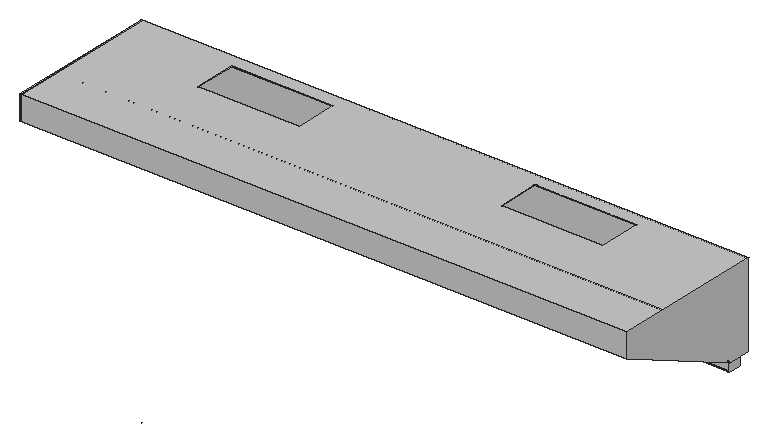
Revit family "QF_ELECTROLUXPROFESSIONAL_642291_MP936BT", category Specialty Equipment, Revit 2014
Reference planes
  plane 1: z = 0
  plane 2 "Center (Left/Right)": x = 150
  plane 3 "LEFT": x = -1650
  plane 4 "RIGHT": x = 1950
  plane 5 "BACK": y = 550
  plane 6 "Plane": z = 2000
  plane 7 "TOP": z = 2140
  plane 8 "Base": z = 1640
  plane 9: z = 1566
  plane 10 "DrainY": y = 485
  plane 11: x = -1647
  plane 12: through (0, 414.509, 1640.8) normal (0, 0.7314, 0.682)
  plane 13: y = 470
  plane 14: y = 220
  plane 15 "DrainX": x = 1830
  plane 16: x = -450
  plane 17: x = 750
  plane 18: x = -1050
  plane 19: x = 1350
  plane 20: x = 1947
  plane 21: x = 1740
  plane 22: x = 1920
  plane 23: x = -1610
  plane 24: x = -1245
  plane 25: x = -850
  plane 26: x = 1910
  plane 27: x = 1545
  plane 28: x = 1150
  plane 29: x = -47.5
  plane 30: x = 347.5
  plane 31: y = 100
  plane 32: y = -350
Forms (mm)
  Extrusion 1, solid, material "QF_Finishes_Stainless Steel"
    sketch origin (-1650, 0, 0) x (0, 1, 0) y (0, 0, 1)
      loop
        line (550, 1640) -> (550, 2140) -> (-350, 2140) -> (-350, 1999.112) -> (413.973, 1640) -> (550, 1640)
    from 0 to 3
  Extrusion 2, solid, material "QF_Finishes_Stainless Steel"
    sketch origin (150, 0, 0) x (0, 1, 0) y (0, 0, 1)
      loop
        line (415.255, 1640) -> (550, 1640) -> (550, 2139.19) -> (549.2, 2139.19) -> (549.2, 1640.8) -> (415.876, 1640.8) -> (339.347, 1722.867) -> (349.609, 1732.436) -> (348.927, 1733.167) -> (337.934, 1722.917) -> (415.255, 1640)
      loop
        line (-82.203, 2139.19) -> (-82.203, 2118.6) -> (-31.047, 2118.6) -> (34.354, 2048.466) -> (46.028, 2059.352) -> (45.346, 2060.083) -> (34.403, 2049.879) -> (-30.612, 2119.6) -> (-81.203, 2119.6) -> (-81.203, 2139.19) -> (-82.203, 2139.19)
    from -1797 to 1797
  Extrusion 3, solid, material "QF_Finishes_Stainless Steel"
    sketch origin (1950, 0, 0) x (0, 1, 0) y (0, 0, 1)
      loop
        line (550, 1640) -> (550, 2140) -> (-350, 2140) -> (-350, 1999.112) -> (413.973, 1640) -> (550, 1640)
    from 0 to -3
  Extrusion 4, solid, material "QF_Finishes_Stainless Steel"
    sketch origin (150, 0, 0) x (0, 1, 0) y (0, 0, 1)
      loop
        line (-350, 2140) -> (-350, 2000) -> (-349.2, 2000) -> (-349.2, 2139.19) -> (550, 2139.19) -> (550, 2140) -> (-350, 2140)
    from -1800 to 1800
  Extrusion 5, solid, material "QF_Finishes_Stainless Steel"
    sketch origin (150, 0, 0) x (0, 1, 0) y (0, 0, 1)
      loop
        line (534, 1640) -> (436, 1640) -> (436, 1627) -> (443.5, 1627) -> (443.5, 1576)
        arc (443.5, 1576) -> (446.429, 1568.929) -> (453.5, 1566) r 10
        line (453.5, 1566) -> (516.5, 1566)
        arc (516.5, 1566) -> (523.571, 1568.929) -> (526.5, 1576) r 10
        line (526.5, 1576) -> (526.5, 1627) -> (534, 1627) -> (534, 1640)
    from 1590 to 1770
  Extrusion 6, solid, material "QF_Finishes_Stainless Steel"
    sketch origin (0, 0, 1640) x (0, 1, 0) y (-1, 0, 0)
      loop
        circle (485, -1830) r 20
    from -76 to -74
  Extrusion 7, solid, material "QF_Finished_Chrome"
    sketch origin (150, 0, 0) x (0, 1, 0) y (0, 0, 1)
      loop
        line (337.934, 1722.917) -> (341.591, 1726.327) -> (38.011, 2051.876) -> (34.354, 2048.466) -> (337.934, 1722.917)
    from -1395 to -1760
  Extrusion 8, solid, material "QF_Finished_Chrome"
    sketch origin (150, 0, 0) x (0, 1, 0) y (0, 0, 1)
      loop
        line (337.934, 1722.917) -> (341.591, 1726.327) -> (38.011, 2051.876) -> (34.354, 2048.466) -> (337.934, 1722.917)
    from -197.5 to -1000
  Extrusion 9, solid, material "QF_Finishes_Stainless Steel"
    sketch origin (150, 0, 0) x (0, 1, 0) y (0, 0, 1)
      loop
        line (337.934, 1722.917) -> (341.591, 1726.327) -> (38.011, 2051.876) -> (34.354, 2048.466) -> (337.934, 1722.917)
    from 1797 to 1760
  Extrusion 10, solid, material "QF_Finishes_Stainless Steel"
    sketch origin (150, 0, 0) x (0, 1, 0) y (0, 0, 1)
      loop
        line (341.588, 1726.324) -> (38.009, 2051.874) -> (34.354, 2048.466) -> (337.934, 1722.917) -> (341.588, 1726.324)
    from -1395 to -1000
  Extrusion 11, solid, material "QF_Finished_Chrome"
    sketch origin (150, 0, 0) x (0, 1, 0) y (0, 0, 1)
      loop
        line (341.588, 1726.324) -> (38.009, 2051.874) -> (34.354, 2048.466) -> (337.934, 1722.917) -> (341.588, 1726.324)
    from 1395 to 1760
  Extrusion 12, void
    sketch origin (0, 0, 2140) x (0, 1, 0) y (-1, 0, 0)
      loop
        line (470, 1050) -> (220, 1050) -> (220, 450) -> (470, 450) -> (470, 1050)
    from 0 to -10
  Extrusion 13, void
    sketch origin (940, 0, 2140) x (0, 1, 0) y (-1, 0, 0)
      loop
        line (470, 190) -> (220, 190) -> (220, -410) -> (470, -410) -> (470, 190)
    from 0 to -10
  Extrusion 14, solid, material "QF_Finishes_Stainless Steel"
    sketch origin (0, 0, 0) x (1, 0, 0) y (0, 1, 0)
      loop
        line (-1650, 550) -> (-1650, 549) -> (-1649, 549) -> (-1649, 550) -> (-1650, 550)
    from 0 to 1
  Extrusion 15, solid, material "QF_Finishes_Stainless Steel"
    sketch origin (150, 0, 0) x (0, 1, 0) y (0, 0, 1)
      loop
        line (337.934, 1722.917) -> (341.591, 1726.327) -> (38.011, 2051.876) -> (34.354, 2048.466) -> (337.934, 1722.917)
    from -1760 to -1797
  Extrusion 16, solid, material "QF_Finishes_Stainless Steel"
    sketch origin (150, 0, 0) x (0, 1, 0) y (0, 0, -1)
      loop
        line (341.588, -1726.324) -> (337.934, -1722.917) -> (34.354, -2048.466) -> (38.009, -2051.874) -> (341.588, -1726.324)
    from -1395 to -1000
  Extrusion 17, solid, material "QF_Finished_Chrome"
    sketch origin (150, 0, 0) x (0, 1, 0) y (0, 0, 1)
      loop
        line (337.934, 1722.917) -> (341.591, 1726.327) -> (38.011, 2051.876) -> (34.354, 2048.466) -> (337.934, 1722.917)
    from 1000 to 197.5
  Extrusion 18, solid, material "QF_Finishes_Stainless Steel"
    sketch origin (150, 0, 0) x (0, 1, 0) y (0, 0, -1)
      loop
        line (341.588, -1726.324) -> (337.934, -1722.917) -> (34.354, -2048.466) -> (38.009, -2051.874) -> (341.588, -1726.324)
    from -197.5 to 197.5
Cuts and joins
  Extrusion 12, Extrusion 13 cuts Extrusion 4
  joined: Extrusion 2, Extrusion 4
Lines and regions (mm)
  reference lines
    curve 1: line (150, 34.354, 2048.466) -> (150, 34.354, 1888.466)
  symbolic lines, style "SpecialityEquipment", detail levels coarse
    curve 2: line (1950, 550, 2140) -> (-1650, 550, 2140)
    curve 3: line (-1650, 550, 2140) -> (-1650, -350, 2140)
    curve 4: line (1950, -350, 2140) -> (1950, 550, 2140)
    curve 5: line (-1650, -350, 2140) -> (1950, -350, 2140)
    curve 6: line (-1050, 220, 2140) -> (-450, 220, 2140)
    curve 7: line (-1050, 470, 2140) -> (-1050, 220, 2140)
    curve 8: line (-450, 470, 2140) -> (-1050, 470, 2140)
    curve 9: line (-450, 220, 2140) -> (-450, 470, 2140)
    curve 10: line (750, 470, 2140) -> (750, 220, 2140)
    curve 11: line (750, 220, 2140) -> (1350, 220, 2140)
    curve 12: line (1350, 470, 2140) -> (750, 470, 2140)
    curve 13: line (1350, 220, 2140) -> (1350, 470, 2140)
  symbolic lines, detail levels coarse
    curve 14: line (-1650, -350, 0) -> (1950, 550, 0)
    curve 15: line (-1650, 550, 0) -> (1950, -350, 0)
Dimensions and locks
  plane 3 "LEFT" to plane 4 "RIGHT" = 3600 mm
  equal spacing: plane 3 "LEFT", plane 2 "Center (Left/Right)", plane 4 "RIGHT"
  locked: plane 6 "Plane" to level at 2000
  plane 7 "TOP" to plane 6 "Plane" = 140 mm
  locked: plane 7 "TOP" to plane 8 "Base" at 500
  plane 8 "Base" to plane 9 = 74 mm
  plane 5 "BACK" to plane 10 "DrainY" = 65 mm  (x2)
  plane 3 "LEFT" to plane 11 = 3 mm
  plane 5 "BACK" to plane 13 = 80 mm
  plane 13 to plane 14 = 250 mm  (x2)
  plane 15 "DrainX" to plane 4 "RIGHT" = 120 mm
  locked: plane 16 to plane 17 at 1200
  equal spacing: plane 16, plane 2 "Center (Left/Right)", plane 17
  plane 18 to plane 16 = 600 mm
  plane 17 to plane 19 = 600 mm
  plane 20 to plane 4 "RIGHT" = 3 mm
  locked: plane 21 to plane 15 "DrainX" at 90
  locked: plane 15 "DrainX" to plane 22 at 90
  plane 13 to plane 5 "BACK" = 80 mm
  locked: plane 3 "LEFT" to plane 23 at 40
  locked: plane 23 to plane 24 at 365
  locked: plane 24 to plane 25 at 395
  locked: plane 26 to plane 27 at 365
  locked: plane 27 to plane 28 at 395
  locked: plane 26 to plane 4 "RIGHT" at 40
  locked: plane 29 to plane 30 at 395
  equal spacing: plane 29, plane 2 "Center (Left/Right)", plane 30
  plane 25 to plane 29 = 802.5 mm
  plane 30 to plane 28 = 802.5 mm
  plane 5 "BACK" to plane 32 = 900 mm  (x2)
  equal spacing: plane 5 "BACK", plane 31, plane 32
  aligned and locked: level to plane 1
  aligned and locked: Extrusion 2 to Extrusion 1
  aligned and locked: Extrusion 2 to Extrusion 3
  aligned and locked: plane 4 "RIGHT" to Extrusion 4
  aligned and locked: Extrusion 4 to plane 3 "LEFT"
  aligned and locked: plane 20 to Extrusion 9
  aligned and locked: plane 18 to Extrusion 12
  aligned and locked: Extrusion 12 to plane 16
  aligned and locked: Extrusion 12 to plane 14
  aligned and locked: Extrusion 12 to plane 13
  aligned and locked: Extrusion 13 to plane 19
  aligned and locked: plane 17 to Extrusion 13
  aligned and locked: Extrusion 2 to Extrusion 4
  aligned and locked: plane 22 to Extrusion 5
  aligned and locked: Extrusion 5 to plane 21
  aligned and locked: Extrusion 9 to plane 26
  aligned and locked: Extrusion 11 to plane 26
  aligned and locked: Extrusion 11 to plane 27
  aligned and locked: Extrusion 8 to plane 25
  aligned and locked: plane 25 to Extrusion 10
  aligned and locked: Extrusion 10 to plane 24
  aligned and locked: plane 24 to Extrusion 7
  aligned and locked: Extrusion 7 to plane 23
  aligned and locked: Extrusion 15 to plane 11
  aligned and locked: plane 23 to Extrusion 15
  aligned and locked: Extrusion 16 to plane 28
  aligned and locked: Extrusion 16 to plane 27
  aligned and locked: Extrusion 3 to plane 20
  aligned and locked: plane 29 to Extrusion 8
  aligned and locked: Extrusion 17 to plane 28
  aligned and locked: Extrusion 17 to plane 30
  aligned and locked: plane 30 to Extrusion 18
  aligned and locked: Extrusion 18 to plane 29
Automatic sketch dimensions
  curve 5 to plane 3 "LEFT" = 0 mm
  curve 9 to plane 14 = 0 mm
  curve 10 to plane 14 = 0 mm
  plane 13 to curve 8 = 0 mm
  plane 13 to curve 12 = 0 mm
  curve 3 to plane 5 "BACK" = 0 mm
  curve 5 to plane 4 "RIGHT" = 0 mm
  curve 11 to plane 19 = 0 mm
  curve 10 to plane 17 = 0 mm
  curve 6 to plane 16 = 0 mm
  curve 6 to plane 18 = 0 mm
  Extrusion 2 sketch curve to plane 12 = 0 mm  (x3)
  Extrusion 2 sketch curve to plane 8 "Base" = 0 mm
  plane 12 to Extrusion 2 sketch curve = 0 mm
  Extrusion 2 sketch curve to plane 5 "BACK" = 0 mm
  Extrusion 2 sketch curve to Extrusion 2 sketch curve = 65.646 mm
  Extrusion 2 sketch curve to Extrusion 2 sketch curve = 0.682 mm  (x2)
  Extrusion 2 sketch curve to Extrusion 2 sketch curve = 10.261 mm
  plane 8 "Base" to Extrusion 2 sketch curve = 82.917 mm
  Extrusion 2 sketch curve to Extrusion 2 sketch curve = 10.942 mm
  Extrusion 2 sketch curve to Extrusion 2 sketch curve = 0.049 mm
  Extrusion 2 sketch curve to plane 7 "TOP" = 20.4 mm
  Extrusion 2 sketch curve to plane 7 "TOP" = 21.4 mm
  Extrusion 2 sketch curve to plane 7 "TOP" = 0.81 mm  (x2)
  Extrusion 2 sketch curve to Extrusion 2 sketch curve = 50.156 mm
  Extrusion 2 sketch curve to Extrusion 2 sketch curve = 1 mm
  plane 8 "Base" to Extrusion 2 sketch curve = 0.8 mm
  Extrusion 2 sketch curve to plane 5 "BACK" = 0.8 mm
  Extrusion 3 sketch curve to plane 8 "Base" = 0 mm
  Extrusion 3 sketch curve to plane 5 "BACK" = 0 mm
  Extrusion 3 sketch curve to plane 7 "TOP" = 0 mm
  plane 13 to Extrusion 3 sketch curve = 56.027 mm
  Extrusion 4 sketch curve to plane 6 "Plane" = 0 mm
  Extrusion 4 sketch curve to plane 5 "BACK" = 0 mm
  Extrusion 4 sketch curve to plane 7 "TOP" = 0 mm
  Extrusion 4 sketch curve to plane 7 "TOP" = 0.81 mm
  curve 1 to plane 12 = 0 mm
  curve 1 to plane 6 "Plane" = 111.534 mm
  Extrusion 5 sketch curve to plane 8 "Base" = 0 mm
  Extrusion 5 sketch curve to plane 9 = 0 mm
  Extrusion 5 sketch curve to plane 8 "Base" = 13 mm  (x2)
  plane 13 to Extrusion 5 sketch curve = 34 mm
  Extrusion 5 sketch curve to Extrusion 5 sketch curve = 7.5 mm  (x2)
  Extrusion 5 sketch curve to Extrusion 5 sketch curve = 10 mm
  plane 10 "DrainY" to Extrusion 5 sketch curve = 31.5 mm
  Extrusion 5 sketch curve to plane 5 "BACK" = 23.5 mm
  Extrusion 6 sketch curve to plane 10 "DrainY" = 0 mm
  Extrusion 6 sketch curve to plane 15 "DrainX" = 0 mm
  Extrusion 7 sketch curve to plane 12 = 0 mm  (x2)
  Extrusion 7 sketch curve to Extrusion 7 sketch curve = 3.657 mm
  plane 8 "Base" to Extrusion 7 sketch curve = 82.917 mm
  Extrusion 8 sketch curve to plane 12 = 0 mm  (x2)
  Extrusion 8 sketch curve to Extrusion 8 sketch curve = 3.657 mm
  plane 8 "Base" to Extrusion 8 sketch curve = 82.917 mm
  Extrusion 9 sketch curve to plane 12 = 0 mm  (x2)
  Extrusion 9 sketch curve to Extrusion 9 sketch curve = 3.657 mm
  plane 8 "Base" to Extrusion 9 sketch curve = 82.917 mm
  Extrusion 10 sketch curve to plane 12 = 0 mm  (x2)
  Extrusion 10 sketch curve to Extrusion 10 sketch curve = 3.655 mm
  plane 8 "Base" to Extrusion 10 sketch curve = 82.917 mm
  Extrusion 11 sketch curve to plane 12 = 0 mm  (x2)
  Extrusion 11 sketch curve to Extrusion 11 sketch curve = 3.655 mm
  plane 8 "Base" to Extrusion 11 sketch curve = 82.917 mm
  Extrusion 12 sketch curve to plane 14 = 0 mm
  plane 13 to Extrusion 12 sketch curve = 0 mm
  Extrusion 12 sketch curve to plane 16 = 0 mm
  Extrusion 12 sketch curve to plane 18 = 0 mm
  Extrusion 13 sketch curve to plane 14 = 0 mm
  plane 13 to Extrusion 13 sketch curve = 0 mm
  Extrusion 13 sketch curve to plane 19 = 0 mm
  Extrusion 13 sketch curve to plane 17 = 0 mm
  Extrusion 14 sketch curve to plane 3 "LEFT" = 0 mm
  Extrusion 14 sketch curve to plane 5 "BACK" = 0 mm
  plane 3 "LEFT" to Extrusion 14 sketch curve = 1 mm
  Extrusion 14 sketch curve to Extrusion 14 sketch curve = 1 mm
  Extrusion 15 sketch curve to plane 12 = 0 mm  (x2)
  Extrusion 15 sketch curve to Extrusion 15 sketch curve = 3.657 mm
  plane 8 "Base" to Extrusion 15 sketch curve = 82.917 mm
  Extrusion 16 sketch curve to plane 12 = 0 mm  (x2)
  Extrusion 16 sketch curve to Extrusion 16 sketch curve = 3.655 mm
  plane 8 "Base" to Extrusion 16 sketch curve = 82.917 mm
  Extrusion 17 sketch curve to plane 12 = 0 mm  (x2)
  Extrusion 17 sketch curve to Extrusion 17 sketch curve = 3.657 mm
  plane 8 "Base" to Extrusion 17 sketch curve = 82.917 mm
  Extrusion 18 sketch curve to plane 12 = 0 mm  (x2)
  Extrusion 18 sketch curve to Extrusion 18 sketch curve = 3.655 mm
  plane 8 "Base" to Extrusion 18 sketch curve = 82.917 mm
  Extrusion 4 sketch curve to Extrusion 4 sketch curve = 0.8 mm
  curve 5 to plane 14 = 570 mm
  plane 6 "Plane" to Extrusion 2 sketch curve = 48.466 mm
  Extrusion 4 sketch curve to plane 14 = 569.2 mm
  curve 1 to plane 14 = 185.646 mm
  plane 6 "Plane" to Extrusion 7 sketch curve = 51.876 mm
  plane 6 "Plane" to Extrusion 8 sketch curve = 51.876 mm
  plane 6 "Plane" to Extrusion 9 sketch curve = 51.876 mm
  plane 6 "Plane" to Extrusion 10 sketch curve = 51.874 mm
  plane 6 "Plane" to Extrusion 11 sketch curve = 51.874 mm
  plane 6 "Plane" to Extrusion 15 sketch curve = 51.876 mm
  plane 6 "Plane" to Extrusion 16 sketch curve = 51.874 mm
  plane 6 "Plane" to Extrusion 17 sketch curve = 51.876 mm
  plane 6 "Plane" to Extrusion 18 sketch curve = 51.874 mm
  Extrusion 1 sketch curve to plane 32 = 0 mm
  Extrusion 1 sketch curve to plane 8 "Base" = 0 mm
  Extrusion 1 sketch curve to plane 5 "BACK" = 0 mm
  Extrusion 1 sketch curve to plane 7 "TOP" = 0 mm
  plane 13 to Extrusion 1 sketch curve = 56.027 mm
  Extrusion 1 sketch curve to plane 6 "Plane" = 0.888 mm
  Extrusion 3 sketch curve to plane 32 = 0 mm
  Extrusion 3 sketch curve to plane 6 "Plane" = 0.888 mm
  curve 15 to plane 3 "LEFT" = 0 mm
  curve 14 to plane 3 "LEFT" = 0 mm
  curve 15 to plane 4 "RIGHT" = 0 mm
  curve 14 to plane 4 "RIGHT" = 0 mm
  curve 15 to plane 32 = 0 mm
  curve 14 to plane 32 = 0 mm
  curve 15 to plane 5 "BACK" = 0 mm
  curve 14 to plane 5 "BACK" = 0 mm
  radius of Extrusion 6 sketch curve = 20 mm
Connectors
  piping at (1830, 485, 1564), diameter 20
    settings: on Extrusion 6, index 1, connector inside diameter 609.6 mm, connector length 0 mm, flow factor 0, pipe flow 0.0 L/s, pressure drop 0.0 Pa, fitting loss kfactor 0, connector angle 0.00°, fixture units 0, engagement length 0 mm, angle of deflection 0.00°, flow configuration 1, flow direction 2, fitting loss method 0, system type 16, joint type 0, gender type 0, connector reference index -1, connector utility 0, adjustable connector no, is connector primary yes, connector description "Drain"
  hvac at (-750, 345, 2140)
    settings: on Extrusion 12, index 2, duct flow 0.0 L/s, flow factor 0, pres drop 0.0 Pa, loss coef 0, conn angle 0.00°, conn width 250 mm, conn height 600 mm, conn diameter 609.6 mm, duct sys type 3, conn prof type 1, flow config 1, flow direction 0, loss method 0, conn ref index -1, conn util no, is conn primary yes, conn desc "EXHAUST OUTLET"
  hvac at (1050, 345, 2140)
    settings: on Extrusion 13, index 3, duct flow 0.0 L/s, flow factor 0, pres drop 0.0 Pa, loss coef 0, conn angle 0.00°, conn width 250 mm, conn height 600 mm, conn diameter 609.6 mm, duct sys type 3, conn prof type 1, flow config 1, flow direction 0, loss method 0, conn ref index -1, conn util no, is conn primary no, conn desc "EXHAUST OUTLET"
